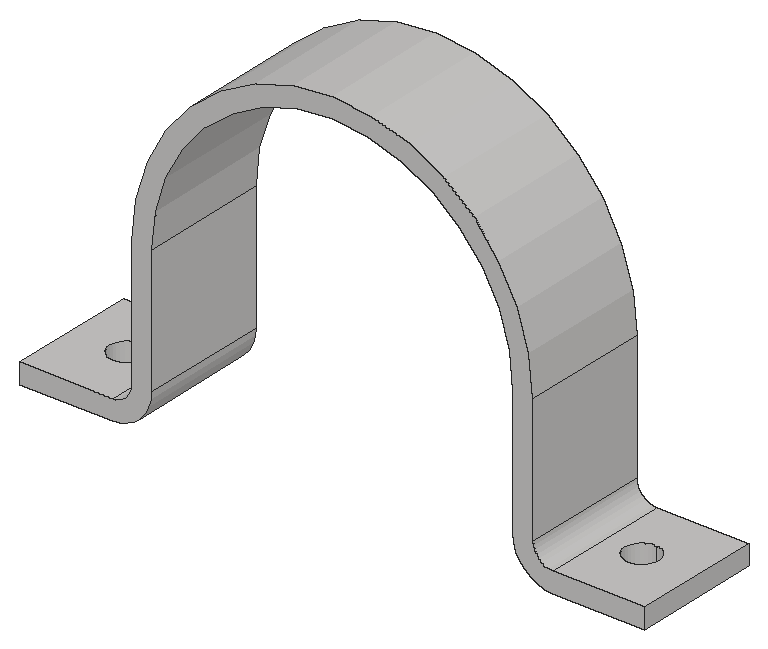
Revit family "Pipe-Strap-Atkore-Single-Piece-P2558-40", category Specialty Equipment, Revit 2012
Parameters (values of type "P2558-40")
  ecoScorecard_data = ""
  ecoScorecard Product Page = ""
  Unit = Metal - Aluminum - Atkore - Electro - Galvanized
  URL = "http://unistrut.us/index.php"
  Thickness = 3.20 mm
  Subcategory = "Pipe Strap"  # constant formula
  Product Page URL = ""
  Part Type = "Strap"  # constant formula
  Part Number = "P2558-40"
  Overall Width = 226.219 mm
  Overall Height = 144.453 mm
  Overall Depth = 41.275 mm
  Model = "P2558-40"  # constant formula
  Material = "Multiple Options - See Catalog"
  Manufacturer Toll Free Phone = "800-882-5543"  # constant formula
  Manufacturer Phone = "708-339-1610"  # constant formula
  Manufacturer Fax = "708-339-7814"  # constant formula
  Manufacturer Email = "mailto:questions@atkore.com"
  Manufacturer Address = "16100 South Lathrop Avenue, Harvey, IL 60426"  # constant formula
  Manufacturer = "Unistrut by Atkore International"  # constant formula
  Load Capacity Note = "Visit the product page for load application and capacity."  # constant formula
  Literature URL = ""
  Description = "Single Piece Pipe Strap"  # constant formula
  Cost Info = "mailto:questions@atkore.com"
  Construction Note = ""
  Conduit Size = 9.50 mm  # constant formula
  CSI MasterSpec = ""
  CAD URL = ""
  Assembly Code = "D5090300"
  95 CSI = "16070"  # constant formula
  04 CSI = "26 05 48"  # constant formula
Reference planes
  plane 1 "Center (Front/Back)": y = 0
  plane 2: z = 0
  plane 3 "Center (Left/Right)": x = 0
  plane 4: y = 20.637
  plane 5: y = -20.637
  plane 6: x = -113.109
  plane 7: x = 113.109
  plane 8: z = 144.453
Dimensions and locks
  equal spacing: plane 4, plane 1 "Center (Front/Back)", plane 5
  "Overall Height": plane 8 to level
  "Overall Depth": plane 4 to plane 5
  "Overall Width": plane 6 to plane 7
  equal spacing: plane 6, plane 3 "Center (Left/Right)", plane 7
  aligned and locked: level to plane 2
  aligned and locked: plane 3 "Center (Left/Right)" to nested 1
  aligned and locked: plane 1 "Center (Front/Back)" to nested 1
Nested families
  nested 1: "P2558-40" at (0, 0, 0), type "P2558-40"
Definition of nested family "P2558-40"
  Parameters (values of type "P2558-40")
    Unit = none
    Default Elevation = 0.00 mm
    C = 11.10 mm
    B = 7.10 mm
    A = 95.30 mm
  Reference planes
    plane 1 "Center (Front/Back)": y = 0
    plane 2: z = 0
    plane 3 "Center (Left/Right)": x = 0
    plane 4: y = -20.638
    plane 5: x = -72.628
    plane 6: x = 72.628
    plane 7: y = 20.637
    plane 8: z = 63.5
  Forms (mm)
    Sweep 1, solid, material <- "Unit"
      path origin (0, 0, 0) x (1, 0, 0) y (0, 1, 0)
        loop
          line (0, 20.637) -> (0, -20.638)
      profile origin (0, 0, 0) x (1, 0, 0) y (0, 0, 1)
        loop
          arc (63.941, 53.329) -> (-0.005, 117.274) -> (-63.95, 53.329) r 63.946
          line (-63.95, 53.329) -> (-63.95, 12.7)
          arc (-63.95, 12.7) -> (-65.81, 8.21) -> (-70.3, 6.35) r 6.35
          line (-70.3, 6.35) -> (-70.3, 0)
          arc (-70.3, 0) -> (-61.32, 3.72) -> (-57.6, 12.7) r 12.7
          line (-57.6, 12.7) -> (-57.6, 53.329)
          arc (-57.6, 53.329) -> (-0.005, 110.924) -> (57.591, 53.329) r 57.596
          line (57.591, 53.329) -> (57.591, 12.7)
          arc (57.591, 12.7) -> (61.31, 3.72) -> (70.291, 0) r 12.7
          line (70.291, 0) -> (70.291, 6.35)
          arc (70.291, 6.35) -> (65.8, 8.21) -> (63.941, 12.7) r 6.35
          line (63.941, 12.7) -> (63.941, 53.329)
    Sweep 2, solid, material <- "Unit"
      path origin (-40.194, 0.828, 0) x (1, 0, 0) y (0, 0, 1)
        loop
          line (-72.628, 6.35) -> (-72.628, 0)
      profile origin (-112.822, 0.828, 3.175) x (0, -1, 0) y (1, 0, 0)
        loop
          line (21.466, 42.521) -> (-19.809, 42.521) -> (-19.809, 13.15) -> (21.466, 13.15) -> (21.466, 42.521)
        loop
          circle (0.828, 30.627) r 5.556
    Sweep 3, solid, material <- "Unit"
      path origin (40.503, 2.391, 0) x (-1, 0, 0) y (0, 0, 1)
        loop
          line (-72.628, 6.35) -> (-72.628, 0)
      profile origin (113.131, 2.391, 3.175) x (0, -1, 0) y (1, 0, 0)
        loop
          line (23.028, -42.875) -> (23.028, -13.516) -> (-18.247, -13.516) -> (-18.247, -42.875) -> (23.028, -42.875)
        loop
          circle (2.391, -30.978) r 5.556
  Cuts and joins
    joined: Sweep 1, Sweep 2, Sweep 3
  Dimensions and locks
    equal spacing: plane 4, plane 1 "Center (Front/Back)", plane 7
    equal spacing: plane 5, plane 3 "Center (Left/Right)", plane 6
    aligned and locked: plane 2 to level
    aligned and locked: plane 7 to Sweep 1 sketch curve
    aligned and locked: Sweep 1 sketch curve to plane 3 "Center (Left/Right)"
  Automatic sketch dimensions
    Sweep 1 sketch curve to plane 4 = 0.00 mm
    Sweep 1 sketch curve to Sweep 1 sketch curve = 0.00 mm  (x6)
    Sweep 1 sketch curve to level = 0.00 mm  (x2)
    level to Sweep 1 sketch curve = 6.35 mm
    profile plane to Sweep 1 sketch curve = 70.30 mm
    Sweep 1 sketch curve to Sweep 1 sketch curve = 6.35 mm  (x2)
    profile plane to Sweep 1 sketch curve = 0.005 mm
    Sweep 1 sketch curve to Sweep 1 sketch curve = 40.629 mm
    Sweep 2 sketch curve to level = 0.00 mm
    Sweep 2 sketch curve to plane 5 = 40.194 mm
    Sweep 2 sketch curve to Sweep 2 sketch curve = 6.35 mm
    Sweep 2 sketch curve to profile plane = 19.809 mm
    profile plane to Sweep 2 sketch curve = 0.828 mm
    Sweep 2 sketch curve to profile plane = 13.15 mm
    profile plane to Sweep 2 sketch curve = 21.466 mm
    Sweep 2 sketch curve to Sweep 2 sketch curve = 17.477 mm
    Sweep 2 sketch curve to Sweep 2 sketch curve = 11.895 mm
    Sweep 3 sketch curve to level = 0.00 mm
    Sweep 3 sketch curve to plane 6 = 40.503 mm
    Sweep 3 sketch curve to Sweep 3 sketch curve = 6.35 mm
    Sweep 3 sketch curve to profile plane = 18.247 mm
    profile plane to Sweep 3 sketch curve = 2.391 mm
    profile plane to Sweep 3 sketch curve = 23.028 mm
    profile plane to Sweep 3 sketch curve = 42.875 mm
    Sweep 3 sketch curve to Sweep 3 sketch curve = 11.897 mm
    profile plane to Sweep 3 sketch curve = 13.516 mm
    radius of Sweep 2 sketch curve = 5.556 mm
    radius of Sweep 3 sketch curve = 5.556 mm
